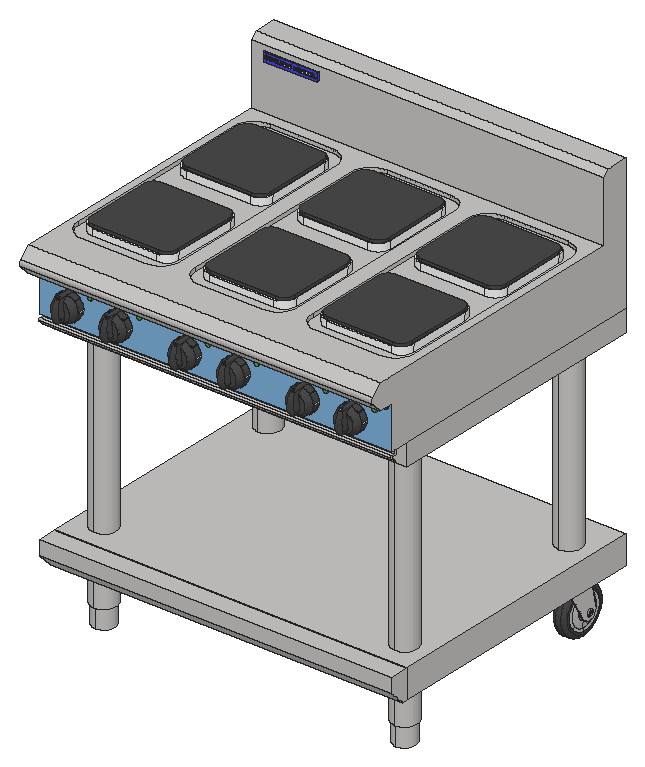
Revit family "QF_Moffat_E516S-LS_Electric_Cooktop_cat", category Specialty Equipment, Revit 2019 (continued)
Definition of nested family "QF_LOGO_BLue Seal"
  Forms (mm)
    Extrusion 2, solid
      sketch origin (0, 0, 0) x (1, 0, 0) y (0, 0, 1)
        loop
          arc (51.676, 10.17) -> (50.529, 9.024) -> (49.383, 10.17) r 1.146
          line (49.383, 10.17) -> (49.383, 14.317)
          arc (49.383, 14.317) -> (49.09, 15.024) -> (48.383, 15.317) r 1
          line (48.383, 15.317) -> (44.648, 15.317)
          arc (44.648, 15.317) -> (43.941, 15.024) -> (43.648, 14.317) r 1
          line (43.648, 14.317) -> (43.648, 9.124)
        loop
          arc (69.777, 13.215) -> (70.828, 14.266) -> (69.777, 15.317) r 1.051
          line (69.777, 15.317) -> (60.035, 15.317)
          arc (60.035, 15.317) -> (59.328, 15.024) -> (59.035, 14.317) r 1
          line (59.035, 14.317) -> (59.035, 8.169)
          arc (59.035, 8.169) -> (59.328, 7.461) -> (60.035, 7.169) r 1
          line (60.035, 7.169) -> (69.845, 7.169)
          arc (69.845, 7.169) -> (70.828, 8.152) -> (69.845, 9.135) r 0.983
          line (69.845, 9.135) -> (65.06, 9.135) -> (65.06, 10.415) -> (69.988, 10.415)
          arc (69.988, 10.415) -> (70.828, 11.255) -> (69.988, 12.095) r 0.84
          line (69.988, 12.095) -> (65.06, 12.095) -> (65.06, 13.215) -> (69.777, 13.215)
        loop
          line (82.871, 13.786) -> (85.957, 13.786) -> (85.957, 12.856) -> (91.614, 12.856) -> (91.614, 14.317)
          arc (91.614, 14.317) -> (91.321, 15.024) -> (90.614, 15.317) r 1
          line (90.614, 15.317) -> (78.315, 15.317)
          arc (78.315, 15.317) -> (77.608, 15.024) -> (77.315, 14.317) r 1
          line (77.315, 14.317) -> (77.315, 11.634)
          arc (77.315, 11.634) -> (77.608, 10.927) -> (78.315, 10.634) r 1
          line (78.315, 10.634) -> (85.957, 10.634) -> (85.957, 8.756) -> (82.871, 8.756) -> (82.871, 9.708) -> (77.315, 9.708) -> (77.315, 8.169)
          arc (77.315, 8.169) -> (77.608, 7.461) -> (78.315, 7.169) r 1
          line (78.315, 7.169) -> (90.614, 7.169)
          arc (90.614, 7.169) -> (91.321, 7.461) -> (91.614, 8.169) r 1
          line (91.614, 8.169) -> (91.614, 11.073)
          arc (91.614, 11.073) -> (91.322, 11.778) -> (90.617, 12.07) r 0.996
          line (90.617, 12.07) -> (82.871, 12.07) -> (82.871, 13.786)
        loop
          arc (103.759, 13.215) -> (104.809, 14.266) -> (103.759, 15.317) r 1.051
          line (103.759, 15.317) -> (94.016, 15.317)
          arc (94.016, 15.317) -> (93.309, 15.024) -> (93.016, 14.317) r 1
          line (93.016, 14.317) -> (93.016, 8.169)
          arc (93.016, 8.169) -> (93.309, 7.461) -> (94.016, 7.169) r 1
          line (94.016, 7.169) -> (103.826, 7.169)
          arc (103.826, 7.169) -> (104.809, 8.152) -> (103.826, 9.135) r 0.983
          line (103.826, 9.135) -> (99.041, 9.135) -> (99.041, 10.415) -> (103.969, 10.415)
          arc (103.969, 10.415) -> (104.809, 11.255) -> (103.969, 12.095) r 0.84
          line (103.969, 12.095) -> (99.041, 12.095) -> (99.041, 13.215) -> (103.759, 13.215)
        loop
          line (112.34, 12.915) -> (112.34, 11.583) -> (115.1, 11.583) -> (115.1, 12.915)
          arc (115.1, 12.915) -> (114.954, 13.268) -> (114.6, 13.415) r 0.5
          line (114.6, 13.415) -> (112.84, 13.415)
          arc (112.84, 13.415) -> (112.487, 13.268) -> (112.34, 12.915) r 0.5
        loop
          arc (119.975, 7.169) -> (120.682, 7.461) -> (120.975, 8.169) r 1
          line (120.975, 8.169) -> (120.975, 14.317)
          arc (120.975, 14.317) -> (120.682, 15.024) -> (119.975, 15.317) r 1
          line (119.975, 15.317) -> (107.404, 15.317)
          arc (107.404, 15.317) -> (106.697, 15.024) -> (106.404, 14.317) r 1
          line (106.404, 14.317) -> (106.404, 8.169)
          arc (106.404, 8.169) -> (106.697, 7.461) -> (107.404, 7.169) r 1
          line (107.404, 7.169) -> (111.34, 7.169)
          arc (111.34, 7.169) -> (112.047, 7.461) -> (112.34, 8.169) r 1
          line (112.34, 8.169) -> (112.34, 9.135) -> (115.1, 9.135) -> (115.1, 8.169)
          arc (115.1, 8.169) -> (115.393, 7.461) -> (116.1, 7.169) r 1
          line (116.1, 7.169) -> (119.975, 7.169)
        loop
          arc (122.692, 8.169) -> (122.985, 7.461) -> (123.692, 7.169) r 1
          line (123.692, 7.169) -> (133.067, 7.169)
          arc (133.067, 7.169) -> (134.076, 8.178) -> (133.067, 9.188) r 1.01
          line (133.067, 9.188) -> (128.479, 9.188) -> (128.479, 14.317)
          arc (128.479, 14.317) -> (128.186, 15.024) -> (127.479, 15.317) r 1
          line (127.479, 15.317) -> (123.692, 15.317)
          arc (123.692, 15.317) -> (122.985, 15.024) -> (122.692, 14.317) r 1
          line (122.692, 14.317) -> (122.692, 8.169)
        loop
          line (8.019, 7.227) -> (8.019, 15.172)
          arc (8.019, 15.172) -> (4.133, 11.2) -> (8.019, 7.227) r 3.973
      from 0 to 3.2
    Extrusion 3, solid
      sketch origin (0, 0, 0) x (1, 0, 0) y (0, 0, 1)
        loop
          line (8.289, 15.169) -> (8.289, 7.231)
          arc (8.289, 7.231) -> (12.08, 11.2) -> (8.289, 15.169) r 3.973
      from 0 to 3.2
    Extrusion 4, solid
      sketch origin (16.271, 0, 0) x (-1, 0, 0) y (0, 0, -1)
        loop
          arc (8.252, -15.172) -> (12.138, -11.2) -> (8.252, -7.227) r 3.973
          line (8.252, -7.227) -> (8.252, -15.172)
      from 0 to 3.2
  Dimensions and locks
    equal spacing: plane 3 "LEFT", plane 7 "Center Y", plane 4 "RIGHT"
    "Length": plane 3 "LEFT" to plane 4 "RIGHT"
    equal spacing: plane 5 "FRONT", plane 8 "Center X", plane 1 "BACK"
    "Depth": plane 5 "FRONT" to plane 1 "BACK"
    "Height": plane 6 "TOP" to level
    plane 4 "RIGHT" to plane 3 "LEFT" = 138 mm
    aligned and locked: level to plane 2
  Automatic sketch dimensions
    Extrusion 1 sketch curve to Extrusion 1 sketch curve = 0 mm  (x12)
    Extrusion 1 sketch curve to plane 3 "LEFT" = 0 mm
    Extrusion 1 sketch curve to level = 0 mm
    Extrusion 1 sketch curve to plane 6 "TOP" = 0 mm
    plane 4 "RIGHT" to Extrusion 1 sketch curve = 0 mm
    plane 3 "LEFT" to Extrusion 1 sketch curve = 2 mm
    Extrusion 1 sketch curve to Extrusion 1 sketch curve = 2 mm
    plane 3 "LEFT" to Extrusion 1 sketch curve = 8.135 mm
    Extrusion 1 sketch curve to Extrusion 1 sketch curve = 7.524 mm
    Extrusion 1 sketch curve to Extrusion 1 sketch curve = 0.965 mm
    Extrusion 1 sketch curve to Extrusion 1 sketch curve = 1 mm  (x22)
    Extrusion 1 sketch curve to Extrusion 1 sketch curve = 4.503 mm
    Extrusion 1 sketch curve to Extrusion 1 sketch curve = 2.434 mm  (x2)
    Extrusion 1 sketch curve to Extrusion 1 sketch curve = 4.362 mm
    Extrusion 1 sketch curve to Extrusion 1 sketch curve = 3.517 mm
    Extrusion 1 sketch curve to Extrusion 1 sketch curve = 3.787 mm  (x2)
    Extrusion 1 sketch curve to Extrusion 1 sketch curve = 4.787 mm
    Extrusion 1 sketch curve to Extrusion 1 sketch curve = 4.588 mm
    Extrusion 1 sketch curve to Extrusion 1 sketch curve = 1.798 mm
    Extrusion 1 sketch curve to Extrusion 1 sketch curve = 1.956 mm  (x2)
    Extrusion 1 sketch curve to Extrusion 1 sketch curve = 3.735 mm
    Extrusion 1 sketch curve to Extrusion 1 sketch curve = 3.779 mm
    Extrusion 1 sketch curve to Extrusion 1 sketch curve = 1.146 mm
    Extrusion 1 sketch curve to Extrusion 1 sketch curve = 3.631 mm
    Extrusion 1 sketch curve to Extrusion 1 sketch curve = 3.713 mm
    Extrusion 1 sketch curve to Extrusion 1 sketch curve = 0.959 mm
    Extrusion 1 sketch curve to Extrusion 1 sketch curve = 1.688 mm
    Extrusion 1 sketch curve to plane 7 "Center Y" = 3.94 mm
    plane 7 "Center Y" to Extrusion 1 sketch curve = 0.777 mm
    plane 7 "Center Y" to Extrusion 1 sketch curve = 0.845 mm
    plane 7 "Center Y" to Extrusion 1 sketch curve = 0.988 mm
    Extrusion 1 sketch curve to Extrusion 1 sketch curve = 7.327 mm
    Extrusion 1 sketch curve to Extrusion 1 sketch curve = 4.556 mm
    Extrusion 1 sketch curve to Extrusion 1 sketch curve = 3.087 mm
    Extrusion 1 sketch curve to Extrusion 1 sketch curve = 4.657 mm  (x2)
    Extrusion 1 sketch curve to Extrusion 1 sketch curve = 0.004 mm
    Extrusion 1 sketch curve to Extrusion 1 sketch curve = 0.996 mm  (x2)
    Extrusion 1 sketch curve to Extrusion 1 sketch curve = 1.402 mm
    Extrusion 1 sketch curve to Extrusion 1 sketch curve = 5.025 mm
    Extrusion 1 sketch curve to Extrusion 1 sketch curve = 4.717 mm
    Extrusion 1 sketch curve to Extrusion 1 sketch curve = 4.785 mm
    Extrusion 1 sketch curve to Extrusion 1 sketch curve = 0.211 mm
    Extrusion 1 sketch curve to Extrusion 1 sketch curve = 2.645 mm
    Extrusion 1 sketch curve to Extrusion 1 sketch curve = 3.936 mm
    Extrusion 1 sketch curve to Extrusion 1 sketch curve = 0.5 mm  (x2)
    Extrusion 1 sketch curve to Extrusion 1 sketch curve = 1.76 mm
    Extrusion 1 sketch curve to Extrusion 1 sketch curve = 2.76 mm
    Extrusion 1 sketch curve to Extrusion 1 sketch curve = 4.875 mm
    Extrusion 1 sketch curve to Extrusion 1 sketch curve = 3.875 mm
    Extrusion 1 sketch curve to Extrusion 1 sketch curve = 1.717 mm
    plane 4 "RIGHT" to Extrusion 1 sketch curve = 4.933 mm
    plane 4 "RIGHT" to Extrusion 1 sketch curve = 2 mm  (x2)
    level to Extrusion 1 sketch curve = 7.169 mm  (x5)
    Extrusion 1 sketch curve to Extrusion 1 sketch curve = 5.169 mm
    Extrusion 1 sketch curve to Extrusion 1 sketch curve = 0.983 mm  (x2)
    Extrusion 1 sketch curve to Extrusion 1 sketch curve = 1.01 mm  (x2)
    Extrusion 1 sketch curve to Extrusion 1 sketch curve = 0.376 mm
    Extrusion 1 sketch curve to Extrusion 1 sketch curve = 0.588 mm
    Extrusion 1 sketch curve to Extrusion 1 sketch curve = 0.966 mm
    Extrusion 1 sketch curve to Extrusion 1 sketch curve = 2.037 mm  (x2)
    Extrusion 1 sketch curve to Extrusion 1 sketch curve = 0.772 mm  (x2)
    Extrusion 1 sketch curve to Extrusion 1 sketch curve = 0.952 mm
    Extrusion 1 sketch curve to Extrusion 1 sketch curve = 1.046 mm
    Extrusion 1 sketch curve to Extrusion 1 sketch curve = 1.28 mm  (x2)
    Extrusion 1 sketch curve to Extrusion 1 sketch curve = 1.878 mm
    Extrusion 1 sketch curve to Extrusion 1 sketch curve = 2.905 mm
    Extrusion 1 sketch curve to Extrusion 1 sketch curve = 3.031 mm
    Extrusion 1 sketch curve to Extrusion 1 sketch curve = 0.84 mm  (x2)
    Extrusion 1 sketch curve to Extrusion 1 sketch curve = 2.448 mm
    Extrusion 1 sketch curve to Extrusion 1 sketch curve = 2.202 mm
    Extrusion 1 sketch curve to Extrusion 1 sketch curve = 0.786 mm
    Extrusion 1 sketch curve to Extrusion 1 sketch curve = 1.332 mm
    Extrusion 1 sketch curve to Extrusion 1 sketch curve = 1.12 mm  (x2)
    Extrusion 1 sketch curve to Extrusion 1 sketch curve = 1.716 mm
    Extrusion 1 sketch curve to Extrusion 1 sketch curve = 1.051 mm  (x2)
    Extrusion 1 sketch curve to Extrusion 1 sketch curve = 4.147 mm
    Extrusion 1 sketch curve to Extrusion 1 sketch curve = 5.129 mm
    Extrusion 1 sketch curve to Extrusion 1 sketch curve = 0.051 mm
    Extrusion 1 sketch curve to Extrusion 1 sketch curve = 1.037 mm
    Extrusion 1 sketch curve to Extrusion 1 sketch curve = 0.516 mm
    plane 3 "LEFT" to Extrusion 1 sketch curve = 3.555 mm
    Extrusion 2 sketch curve to Extrusion 2 sketch curve = 0 mm  (x16)
    plane 3 "LEFT" to Extrusion 2 sketch curve = 8.019 mm
    Extrusion 2 sketch curve to Extrusion 2 sketch curve = 0.088 mm
    Extrusion 2 sketch curve to Extrusion 2 sketch curve = 0.029 mm
    Extrusion 2 sketch curve to Extrusion 2 sketch curve = 0.27 mm
    Extrusion 2 sketch curve to Extrusion 2 sketch curve = 7.371 mm
    Extrusion 2 sketch curve to Extrusion 2 sketch curve = 0.965 mm
    Extrusion 2 sketch curve to Extrusion 2 sketch curve = 1 mm  (x24)
    Extrusion 2 sketch curve to Extrusion 2 sketch curve = 4.503 mm
    Extrusion 2 sketch curve to Extrusion 2 sketch curve = 2.434 mm
    Extrusion 2 sketch curve to Extrusion 2 sketch curve = 4.362 mm
    Extrusion 2 sketch curve to Extrusion 2 sketch curve = 3.517 mm
    Extrusion 2 sketch curve to Extrusion 2 sketch curve = 3.787 mm  (x2)
    Extrusion 2 sketch curve to Extrusion 2 sketch curve = 4.787 mm  (x2)
    Extrusion 2 sketch curve to Extrusion 2 sketch curve = 4.588 mm  (x2)
    Extrusion 2 sketch curve to Extrusion 2 sketch curve = 1.798 mm
    Extrusion 2 sketch curve to Extrusion 2 sketch curve = 1.956 mm
    Extrusion 2 sketch curve to Extrusion 2 sketch curve = 3.735 mm
    Extrusion 2 sketch curve to Extrusion 2 sketch curve = 1.146 mm
    Extrusion 2 sketch curve to Extrusion 2 sketch curve = 3.631 mm
    Extrusion 2 sketch curve to Extrusion 2 sketch curve = 3.713 mm
    Extrusion 2 sketch curve to Extrusion 2 sketch curve = 0.959 mm
    Extrusion 2 sketch curve to Extrusion 2 sketch curve = 1.688 mm
    Extrusion 2 sketch curve to plane 7 "Center Y" = 3.94 mm
    plane 7 "Center Y" to Extrusion 2 sketch curve = 0.777 mm
    plane 7 "Center Y" to Extrusion 2 sketch curve = 0.845 mm
    plane 7 "Center Y" to Extrusion 2 sketch curve = 0.988 mm
    Extrusion 2 sketch curve to Extrusion 2 sketch curve = 7.327 mm
    Extrusion 2 sketch curve to Extrusion 2 sketch curve = 4.556 mm
    Extrusion 2 sketch curve to Extrusion 2 sketch curve = 3.087 mm
    Extrusion 2 sketch curve to Extrusion 2 sketch curve = 4.657 mm  (x2)
    Extrusion 2 sketch curve to Extrusion 2 sketch curve = 0.004 mm
    Extrusion 2 sketch curve to Extrusion 2 sketch curve = 0.996 mm
    Extrusion 2 sketch curve to Extrusion 2 sketch curve = 1.402 mm
    Extrusion 2 sketch curve to Extrusion 2 sketch curve = 5.025 mm
    Extrusion 2 sketch curve to Extrusion 2 sketch curve = 4.717 mm
    Extrusion 2 sketch curve to Extrusion 2 sketch curve = 4.785 mm
    Extrusion 2 sketch curve to Extrusion 2 sketch curve = 0.211 mm
    Extrusion 2 sketch curve to Extrusion 2 sketch curve = 2.578 mm
    Extrusion 2 sketch curve to Extrusion 2 sketch curve = 3.936 mm
    Extrusion 2 sketch curve to Extrusion 2 sketch curve = 0.5 mm  (x2)
    Extrusion 2 sketch curve to Extrusion 2 sketch curve = 1.76 mm
    Extrusion 2 sketch curve to Extrusion 2 sketch curve = 2.76 mm
    Extrusion 2 sketch curve to Extrusion 2 sketch curve = 3.875 mm
    Extrusion 2 sketch curve to Extrusion 2 sketch curve = 4.875 mm
    Extrusion 2 sketch curve to Extrusion 2 sketch curve = 1.717 mm
    level to Extrusion 2 sketch curve = 7.169 mm  (x6)
    level to Extrusion 2 sketch curve = 7.227 mm
    Extrusion 2 sketch curve to Extrusion 2 sketch curve = 0.003 mm
    Extrusion 2 sketch curve to Extrusion 2 sketch curve = 0.983 mm  (x2)
    Extrusion 2 sketch curve to Extrusion 2 sketch curve = 1.01 mm  (x2)
    Extrusion 2 sketch curve to Extrusion 2 sketch curve = 1.376 mm
    Extrusion 2 sketch curve to Extrusion 2 sketch curve = 0.588 mm
    Extrusion 2 sketch curve to Extrusion 2 sketch curve = 0.966 mm
    Extrusion 2 sketch curve to Extrusion 2 sketch curve = 2.037 mm  (x2)
    Extrusion 2 sketch curve to Extrusion 2 sketch curve = 0.772 mm  (x2)
    Extrusion 2 sketch curve to Extrusion 2 sketch curve = 1.539 mm
    Extrusion 2 sketch curve to Extrusion 2 sketch curve = 0.961 mm
    Extrusion 2 sketch curve to Extrusion 2 sketch curve = 1.28 mm  (x2)
    Extrusion 2 sketch curve to Extrusion 2 sketch curve = 1.878 mm
    Extrusion 2 sketch curve to Extrusion 2 sketch curve = 2.905 mm
    Extrusion 2 sketch curve to Extrusion 2 sketch curve = 3.969 mm
    Extrusion 2 sketch curve to Extrusion 2 sketch curve = 0.84 mm  (x2)
    Extrusion 2 sketch curve to Extrusion 2 sketch curve = 2.448 mm
    Extrusion 2 sketch curve to Extrusion 2 sketch curve = 2.202 mm
    Extrusion 2 sketch curve to Extrusion 2 sketch curve = 2.222 mm
    Extrusion 2 sketch curve to Extrusion 2 sketch curve = 1.332 mm
    Extrusion 2 sketch curve to Extrusion 2 sketch curve = 1.12 mm  (x2)
    Extrusion 2 sketch curve to Extrusion 2 sketch curve = 0.929 mm
    Extrusion 2 sketch curve to Extrusion 2 sketch curve = 1.051 mm  (x2)
    Extrusion 2 sketch curve to Extrusion 2 sketch curve = 5.129 mm  (x2)
    Extrusion 2 sketch curve to Extrusion 2 sketch curve = 4.147 mm
    Extrusion 2 sketch curve to Extrusion 2 sketch curve = 0.516 mm
    plane 3 "LEFT" to Extrusion 2 sketch curve = 3.555 mm
    plane 3 "LEFT" to Extrusion 3 sketch curve = 8.107 mm
    Extrusion 3 sketch curve to Extrusion 3 sketch curve = 0.182 mm
    level to Extrusion 3 sketch curve = 7.231 mm
    Extrusion 3 sketch curve to Extrusion 3 sketch curve = 3.969 mm
    Extrusion 4 sketch curve to plane 3 "LEFT" = 8.107 mm
    Extrusion 4 sketch curve to Extrusion 4 sketch curve = 0.088 mm
    Extrusion 4 sketch curve to level = 7.227 mm
    Extrusion 4 sketch curve to Extrusion 4 sketch curve = 3.972 mm
Definition of nested family "6 INCHES 02_CASTER"
  Parameters (values of type "6 INCHES 02_CASTER")
    Weight = ""
    URL Manufacturer = ""
    URL Cutsheet = ""
    URL = ""
    Type Mark [instance] = ""
    Specification by User [instance] = ""
    Specification by Manufacturer = ""
    Show Casters [instance] = yes
    Serial Number = ""
    Seismic Rating = ""
    SMACNA No = ""
    Revision Code [instance] = ""
    Omniclass Number and Title = ""
    NAFEM Spec ID Number = ""
    Model = ""
    MasterSpec. = ""
    Manufacturer = ""
    Item Number [instance] = ""
    Installed By [instance] = ""
    Identify Quantity as Lot [instance] = yes
    Furnished By [instance] = ""
    Foodservice Equipment Identifier [instance] = yes
    Description = ""
    CSI MasterFormat = ""
    CSI Master Format = ""
  Reference planes
    plane 1 "BACK": y = 0
    plane 2: z = 0
    plane 3 "LEFT": x = 0
    plane 4 "RIGHT": x = 0
    plane 5 "FRONT": y = 0
    plane 6 "TOP": z = 150
  Forms (mm)
    Revolve 1, solid, visible <- "Show Casters"
      sketch origin (-56.335, 0, -6.35) x (-1, 0, 0) y (0, 0, 1)
        loop
          line (-56.335, 152.4) -> (-56.335, 141.118) -> (-23.798, 141.118) -> (-23.798, 152.4) -> (-56.335, 152.4)
        axis (-56.335, 141.118) -> (-56.335, 152.4)
      angle from 0 to 360
    Extrusion 2, solid, visible <- "Show Casters"
      sketch origin (6.501, 53.083, -4.762) x (0, 1, 0) y (0, 0, 1)
        loop
          line (-85.799, 139.531) -> (-85.799, 133.181) -> (-42.478, 58.614)
          arc (-42.478, 58.614) -> (-16.638, 50.199) -> (-6.442, 75.39) r 19.923
          line (-6.442, 75.39) -> (-20.366, 139.531) -> (-85.799, 139.531)
      from 20.058 to 22.923
    Extrusion 3, solid, visible <- "Show Casters"
      sketch origin (0, 0, 146.05) x (0, 1, 0) y (-1, 0, 0)
        loop
          circle (0, 0) r 19.05
      from 0 to 3.95
    Extrusion 4, solid, visible <- "Show Casters"
      sketch origin (-6.501, 53.083, -4.762) x (0, 1, 0) y (0, 0, -1)
        loop
          line (-85.799, -133.181) -> (-85.799, -139.531) -> (-20.366, -139.531) -> (-6.442, -75.39)
          arc (-6.442, -75.39) -> (-16.638, -50.199) -> (-42.478, -58.614) r 19.923
          line (-42.478, -58.614) -> (-85.799, -133.181)
      from 20.058 to 22.923
    Extrusion 5, solid, visible <- "Show Casters"
      sketch origin (0, -3.253, 19.05) x (0, 1, 0) y (0, 0, 1)
        loop
          line (-29.464, 115.718) -> (-29.464, 109.368) -> (35.969, 109.368) -> (35.969, 115.718) -> (-29.464, 115.718)
      from -26.559 to 26.559
    Revolve 6, solid, visible <- "Show Casters"
      sketch origin (-49.213, 28.39, -3.252) x (1, 0, 0) y (0, 0, 1)
        loop
          line (14.841, 65.192) -> (14.841, 61.686) -> (16.111, 60.416) -> (17.635, 60.416) -> (17.635, 56.97) -> (29.782, 56.97) -> (29.782, 46.925) -> (33.069, 45.027) -> (36.232, 25.477) -> (32.544, 25.477) -> (32.544, 19.127) -> (33.338, 19.127) -> (33.338, 12.777)
          arc (33.338, 12.777) -> (36.127, 6.041) -> (42.863, 3.252) r 9.525
          line (42.863, 3.252) -> (55.563, 3.252)
          arc (55.563, 3.252) -> (62.298, 6.041) -> (65.088, 12.777) r 9.525
          line (65.088, 12.777) -> (65.088, 19.127) -> (65.881, 19.127) -> (65.881, 25.477) -> (62.193, 25.477) -> (65.371, 45.116) -> (68.644, 47.006) -> (68.644, 56.97) -> (80.79, 56.97) -> (80.79, 60.416) -> (82.314, 60.416) -> (83.584, 61.686) -> (83.584, 65.192) -> (14.841, 65.192)
        axis (14.841, 65.192) -> (83.584, 65.192)
      angle from 0 to 360
  Cuts and joins
    joined: Extrusion 2, Extrusion 4, Extrusion 5
  Lines and regions (mm)
    symbolic lines, visible <- "Show Casters"
      curve 1: line (11.652, 51.878, 0) -> (39.148, 36.003, 0)
      curve 2: line (-39.148, -36.11, 0) -> (-20.098, -3.115, 0)
      curve 3: line (-11.652, -51.985, 0) -> (-39.148, -36.11, 0)
      curve 4: line (39.148, 36.003, 0) -> (20.098, 3.007, 0)
      curve 5: line (-7.398, 18.882, 0) -> (11.652, 51.878, 0)
      curve 6: line (7.398, -18.99, 0) -> (-11.652, -51.985, 0)
  Dimensions and locks
    plane 6 "TOP" to level = 150 mm  (x2)
    aligned and locked: level to plane 2
